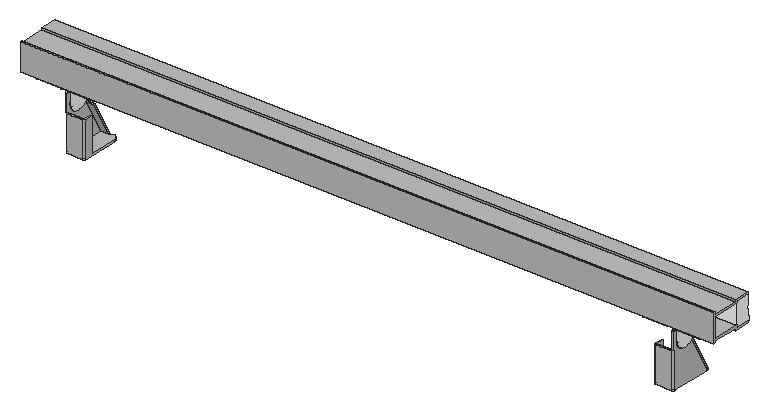
Revit family "4070758+4070746+4070771 Feilo Sylvania Lighting Fixture CURSUS 876MM 620LM OVAL LED 3K with CONTINUOUS WALL HOUSING with 70MM WALL BRACKET", category Lighting Fixtures, host Face, Revit 2017
Family settings
  Host = Face
  Round Connector Dimension = Use Diameter
  Part Type = Normal
  OmniClass Number = 23.80.70.14
  OmniClass Title = Luminaries for External Lighting
  Cut with Voids When Loaded = Yes
  Light Source = No
  Shared = No
  Room Calculation Point = No
Parameters (values of type "4070758 CURSUS 876MM 620LM OVAL LED 3K")
  Weight = "1.7 kg"
  Wattage Comments = "n/a"
  WarrantyStartDate [instance] = "n/a"
  WarrantyGuarantorParts = "n/a"
  WarrantyDurationUnit = "n/a"
  WarrantyDurationParts = "n/a"
  WarrantyDescription = "n/a"
  Voltage = 24 V
  URL = "http://www.sylvania-lighting.com"
  TypeName = "CURSUS 876MM 620LM OVAL LED 3K"
  TypeFixture_FEILO = CURSUS with CONTINUOUS WALL HOUSING : CURSUS 876MM 620LM OVAL LED 3K
  Type Image = <None>
  Type Comments = "n/a"
  TiltAngle [instance] = 0.00°
  StartAngle [instance] = TiltAngle + 270.00°  # 270.00°
  SerialNumber [instance] = "n/a"
  ReflectorMaterial = none
  PowerFactor = 0
  PowerConsumption = "13.5 W"
  NominalLength = 876 mm
  NominalHeight = 50 mm
  NominalDepth = 30 mm
  Name = "CURSUS 876MM 620LM OVAL LED 3K"
  ModelReference = Name  # "CURSUS 876MM 620LM OVAL LED 3K"
  ModelNumber = "4070758"
  Model = Name  # "CURSUS 876MM 620LM OVAL LED 3K"
  Material = "natural anodised extruded aluminium structure housing, optical system with pmma lenses diffuser"
  ManufacturerName = "Feilo Sylvania"
  Manufacturer = "Feilo Sylvania"
  LuminousEfficacy = "45.92 lm/W"
  LuminaireType = ""
  LightOutputRatio = "100"
  LampsType = Lamp  # "LED"
  LampNominalLuminous = "620 lm"
  LampMacAdamStep = "n/a"
  LampColourTemperature = "3000 K"
  LampColourRenderingIndex = "80"
  Lamp = "LED"
  Keynote = "16500"
  InstallationDate [instance] = "n/a"
  InputVoltage = "24V DC"
  InputNominalFrequency = "50/60 Hz"
  IngressProtection = "IP67"
  ImpactProtectionIndex = "IK07"
  IfcExportType = "IfcLightFixtureType"
  IfcExportAs = "IfcLightFixtureType"
  ExpectedLife = 50000
  EndAngle [instance] = StartAngle - 180.00°  # 90.00°
  ElectricShockClassification = "Class III"
  DurationUnit = "hours"
  DocumentationLiterature = "http://www.sylvania-lighting.com/product/en-int/products/4070758"
  DimmingControlOptions = "n/a"
  DiffuserMaterial = Diffuser-Sylvania-Glow
  Description = "LED Exterior Lighting Recessed Surface Mounted Linear Fixture, Natural anodised extruded aluminium structure. Die-cast aluminium end caps. Installation kit with harmonic steel springs., 620 lm, 13,5W, 45lm/W, 3000K, CRI80+,non dimmable,IP67, IK07, (HxWxD) 876x50x30mm, 3 step Mac Adam Ellipse, 1.7kg,, Classe III, 21-25V-DC, energy class : A++, A+, A"
  Default Elevation = 1219.2 mm
  CreatedOn = "1/8/2018"
  CreatedBy = ""
  Cost = 0
  built-in parameter 1114216 [instance] = (empty or 0)
  ClassificationValue = "EF_70_80"
  ClassificationName = "Uniclass2015"
  BracketWidth = 24 mm
  BracketThickness = 2 mm
  BracketHeightEnd = 32 mm
  BracketHeight = 55 mm
  BracketFlange = BracketHeight / 5  # 11 mm
  BracketExtension = 70 mm
  BracketEndReduction = 25 mm
  BracketC = 22 mm  # constant formula
  BracketDistance = 745 mm
  BracketD = BracketHeightEnd - (BracketC * (BracketHeight - BracketHeightEnd) / (BracketExtension - BracketEndReduction))  # 20.756 mm
  BodyMaterial = Body-Sylvania-Gray
  BarCode [instance] = "n/a"
  AssetType = "Fixed"
  AssetIdentifier [instance] = "n/a"
  Assembly Code = "D5020200"
  Apparent Load = 13.5 VA
  AccessoryMaterial = Diffuser-Sylvania-Glow
Reference planes
  plane 1 "Center (Front/Back)": y = 0
  plane 2: z = 0
  plane 3 "Center (Left/Right)": x = 0
  plane 4: x = -384.5
  plane 5: x = 384.5
  plane 6: y = 55
  plane 7: x = -360.5
  plane 8: x = 360.5
  plane 9: z = 70
  plane 10: z = 56
  plane 11: z = 2
  plane 12: z = 45
  plane 13: x = -382.5
  plane 14: y = 53
  plane 15: y = 2
  plane 16: x = -362.5
  plane 17: x = 362.5
  plane 18: x = 382.5
  plane 19: x = -372.5
  plane 20: x = 372.5
  plane 21: y = 11
  plane 22: y = 32
  plane 23: y = 30
  plane 24: z = 67
  plane 25: y = 20.756
  plane 26: y = 16
Forms (mm)
  Blend 1, solid, material "Body-Sylvania-Gray" <- "BodyMaterial"
    base sketch origin (1223.4, -4572, 2) x (0, -1, 0) y (1, 0, 0)
      loop
        line (-4625, -1595.9) -> (-4627, -1595.9) -> (-4627, -1605.9)
        arc (-4627, -1605.9) -> (-4626.414, -1607.314) -> (-4625, -1607.9) r 2
        line (-4625, -1607.9) -> (-4574, -1607.9)
        arc (-4574, -1607.9) -> (-4572.586, -1607.314) -> (-4572, -1605.9) r 2
        line (-4572, -1605.9) -> (-4572, -1585.9)
        arc (-4572, -1585.9) -> (-4572.586, -1584.486) -> (-4574, -1583.9) r 2
        line (-4574, -1583.9) -> (-4583, -1583.9) -> (-4583, -1585.9) -> (-4574, -1585.9) -> (-4574, -1605.9) -> (-4625, -1605.9) -> (-4625, -1595.9)
    top sketch origin (1223.4, -4572, 2) x (0, -1, 0) y (1, 0, 0)
      loop
        line (-4583, -1585.9) -> (-4574, -1585.9) -> (-4574, -1605.9) -> (-4602, -1605.9) -> (-4602, -1595.9) -> (-4604, -1595.9) -> (-4604, -1605.9)
        arc (-4604, -1605.9) -> (-4603.52, -1607.21) -> (-4602.309, -1607.9) r 2.028
        line (-4602.309, -1607.9) -> (-4574, -1607.9)
        arc (-4574, -1607.9) -> (-4572.586, -1607.314) -> (-4572, -1605.9) r 2
        line (-4572, -1605.9) -> (-4572, -1585.9)
        arc (-4572, -1585.9) -> (-4572.586, -1584.486) -> (-4574, -1583.9) r 2
        line (-4574, -1583.9) -> (-4583, -1583.9) -> (-4583, -1585.9)
    from 0 to 43
  Extrusion 2, solid, material "Body-Sylvania-Gray" <- "BodyMaterial"
    sketch origin (0, 0, 0) x (1, 0, 0) y (0, 1, 0)
      loop
        arc (-382.5, 55) -> (-383.914, 54.414) -> (-384.5, 53) r 2
        line (-384.5, 53) -> (-384.5, 2)
        arc (-384.5, 2) -> (-383.914, 0.586) -> (-382.5, 0) r 2
        line (-382.5, 0) -> (-362.5, 0)
        arc (-362.5, 0) -> (-361.086, 0.586) -> (-360.5, 2) r 2
        line (-360.5, 2) -> (-360.5, 47.5)
        arc (-360.5, 47.5) -> (-362.697, 52.803) -> (-368, 55) r 7.5
        line (-368, 55) -> (-382.5, 55)
      loop
        line (382.5, 55) -> (368, 55)
        arc (368, 55) -> (362.697, 52.803) -> (360.5, 47.5) r 7.5
        line (360.5, 47.5) -> (360.5, 2)
        arc (360.5, 2) -> (361.086, 0.586) -> (362.5, 0) r 2
        line (362.5, 0) -> (382.5, 0)
        arc (382.5, 0) -> (383.914, 0.586) -> (384.5, 2) r 2
        line (384.5, 2) -> (384.5, 53)
        arc (384.5, 53) -> (383.914, 54.414) -> (382.5, 55) r 2
    from 0 to 2
  Blend 3, solid, material "Body-Sylvania-Gray" <- "BodyMaterial"
    base sketch origin (1223.4, -4572, 2) x (0, -1, 0) y (1, 0, 0)
      loop
        line (-4625, -840.9) -> (-4574, -840.9) -> (-4574, -860.9) -> (-4583, -860.9) -> (-4583, -862.9) -> (-4574, -862.9)
        arc (-4574, -862.9) -> (-4572.586, -862.314) -> (-4572, -860.9) r 2
        line (-4572, -860.9) -> (-4572, -840.9)
        arc (-4572, -840.9) -> (-4572.586, -839.486) -> (-4574, -838.9) r 2
        line (-4574, -838.9) -> (-4625, -838.9)
        arc (-4625, -838.9) -> (-4626.414, -839.486) -> (-4627, -840.9) r 2
        line (-4627, -840.9) -> (-4627, -850.9) -> (-4625, -850.9) -> (-4625, -840.9)
    top sketch origin (1223.4, -4572, 2) x (0, -1, 0) y (1, 0, 0)
      loop
        line (-4602, -850.9) -> (-4602, -840.9) -> (-4574, -840.9) -> (-4574, -860.9) -> (-4583, -860.9) -> (-4583, -862.9) -> (-4574, -862.9)
        arc (-4574, -862.9) -> (-4572.586, -862.314) -> (-4572, -860.9) r 2
        line (-4572, -860.9) -> (-4572, -840.9)
        arc (-4572, -840.9) -> (-4572.586, -839.486) -> (-4574, -838.9) r 2
        line (-4574, -838.9) -> (-4602, -838.9)
        arc (-4602, -838.9) -> (-4603.414, -839.486) -> (-4604, -840.9) r 2
        line (-4604, -840.9) -> (-4604, -850.9) -> (-4602, -850.9)
    from 0 to 43
  Blend 4, solid, material "Body-Sylvania-Gray" <- "BodyMaterial"
    base sketch origin (1223.4, -4572, 45) x (0, -1, 0) y (1, 0, 0)
      loop
        line (-4604, -1607.9) -> (-4572, -1607.9) -> (-4572, -1605.9) -> (-4604, -1605.9) -> (-4604, -1607.9)
    top sketch origin (1223.4, -4572, 45) x (0, -1, 0) y (1, 0, 0)
      loop
        line (-4572, -1607.9) -> (-4572, -1605.9) -> (-4592.756, -1605.9) -> (-4592.756, -1607.9) -> (-4572, -1607.9)
    from 0 to 22
  Blend 5, solid, material "Body-Sylvania-Gray" <- "BodyMaterial"
    base sketch origin (1223.4, -4572, 45) x (0, -1, 0) y (1, 0, 0)
      loop
        line (-4604, -840.9) -> (-4572, -840.9) -> (-4572, -838.9) -> (-4604, -838.9) -> (-4604, -840.9)
    top sketch origin (1223.4, -4572, 45) x (0, -1, 0) y (1, 0, 0)
      loop
        line (-4572, -838.9) -> (-4592.756, -838.9) -> (-4592.756, -840.9) -> (-4572, -840.9) -> (-4572, -838.9)
    from 0 to 22
  Extrusion 6, void
    sketch origin (0, 0, 0) x (0, 1, 0) y (0, 0, 1)
      loop
        line (0, 45) -> (2, 45) -> (2, 46.5) -> (0, 46.5) -> (0, 45)
      loop
        line (32, 45) -> (32, 46.5) -> (30, 46.5) -> (30, 45) -> (32, 45)
    from -384.5 to 384.5
  Revolve 7, solid, not visible
    sketch origin (1524, 16, 1219.2) x (1, 0, 0) y (0, 0, 1)
      loop
        line (-1524, -1152.2) -> (-1524, -1163.2) -> (-1151.5, -1163.2) -> (-1151.5, -1152.2) -> (-1524, -1152.2)
      axis (-1151.5, -1163.2) -> (-1524, -1163.2)
    angle from 270 <- "StartAngle" to 90 <- "EndAngle"
Cuts and joins
  Extrusion 6 cuts Blend 4
  Extrusion 6 cuts Blend 5
  joined: Blend 1, Extrusion 2, Blend 3, Blend 4, Blend 5
Lines and regions (mm)
  reference lines, not visible
    curve 1: line (-360.5, 16, 56) -> (360.5, 16, 56)
Dimensions and locks
  equal spacing: plane 4, plane 3 "Center (Left/Right)", plane 5
  "BracketDistance": plane 19 to plane 20
  "BracketHeight": plane 1 "Center (Front/Back)" to plane 6
  equal spacing: plane 7, plane 3 "Center (Left/Right)", plane 8
  "BracketWidth": plane 4 to plane 7
  "BracketExtension": plane 9 to plane 2
  "BracketThickness": plane 11 to plane 2
  "BracketEndReduction": plane 9 to plane 12
  equal spacing: plane 13, plane 3 "Center (Left/Right)", plane 18
  equal spacing: plane 16, plane 3 "Center (Left/Right)", plane 17
  "BracketThickness": plane 4 to plane 13
  "BracketThickness": plane 16 to plane 7
  "BracketThickness": plane 14 to plane 6
  "BracketThickness": plane 1 "Center (Front/Back)" to plane 15
  equal spacing: plane 4, plane 19, plane 7
  equal spacing: plane 8, plane 20, plane 5
  "BracketFlange": plane 1 "Center (Front/Back)" to plane 21
  "BracketHeightEnd": plane 1 "Center (Front/Back)" to plane 22
  "BracketThickness": plane 23 to plane 22
  locked: Extrusion 2 sketch curve to plane 7 at 7.5
  locked: Extrusion 2 sketch curve to plane 6 at 7.5  (x2)
  locked: plane 8 to Extrusion 2 sketch curve at 7.5
  "BracketC": plane 24 to plane 12
  "BracketD": plane 1 "Center (Front/Back)" to plane 25
  locked: plane 12 to Extrusion 6 sketch curve at 1.5
  equal spacing: plane 24, plane 10, plane 12
  equal spacing: plane 1 "Center (Front/Back)", plane 26, plane 22
  aligned and locked: plane 2 to host face
  aligned and locked: level to host face
  aligned and locked: plane 4 to Blend 1 sketch curve  (x2)
  aligned and locked: plane 13 to Blend 1 sketch curve  (x3)
  aligned and locked: Blend 1 sketch curve to plane 15
  aligned and locked: Blend 1 sketch curve to plane 16
  aligned and locked: Blend 1 sketch curve to plane 21
  aligned and locked: plane 7 to Blend 1 sketch curve
  aligned and locked: plane 16 to Blend 1 sketch curve
  aligned and locked: plane 1 "Center (Front/Back)" to Blend 1 sketch curve
  aligned and locked: plane 14 to Blend 1 sketch curve
  aligned and locked: Blend 1 sketch curve to var sketch  (x6)
  aligned and locked: Blend 1 sketch curve to plane 19
  aligned and locked: Blend 1 sketch curve to plane 22
  aligned and locked: plane 23 to Blend 1 sketch curve
  aligned and locked: plane 11 to Blend 1
  aligned and locked: Extrusion 2 sketch curve to Blend 1  (x3)
  aligned and locked: Extrusion 2 to level
  aligned and locked: Extrusion 2 to plane 11
  aligned and locked: Extrusion 2 sketch curve to plane 7
  aligned and locked: plane 18 to Blend 3 sketch curve  (x4)
  aligned and locked: plane 14 to Blend 3 sketch curve  (x2)
  aligned and locked: Blend 3 sketch curve to plane 20
  aligned and locked: Blend 3 sketch curve to plane 6
  aligned and locked: plane 5 to Blend 3 sketch curve
  aligned and locked: plane 1 "Center (Front/Back)" to Blend 3 sketch curve
  aligned and locked: plane 15 to Blend 3 sketch curve  (x2)
  aligned and locked: Blend 3 sketch curve to plane 8
  aligned and locked: Blend 3 sketch curve to plane 21
  aligned and locked: plane 17 to Blend 3 sketch curve
  aligned and locked: Blend 3 sketch curve to plane 18
  aligned and locked: plane 20 to Blend 3 sketch curve  (x2)
  aligned and locked: Blend 3 sketch curve to plane 23
  aligned and locked: Blend 3 sketch curve to var sketch  (x8)
  aligned and locked: var sketch to Blend 3 sketch curve
  aligned and locked: plane 22 to Blend 3 sketch curve
  aligned and locked: plane 11 to Blend 3
  aligned and locked: Extrusion 2 sketch curve to Blend 3  (x4)
  aligned and locked: Blend 1 to plane 12
  aligned and locked: Blend 3 to plane 12
  aligned and locked: Blend 4 sketch curve to plane 22
  aligned and locked: Blend 4 sketch curve to cut or joined group of Blend 1, Extrusion 2, Blend 3, Blend 4, Blend 5, Extrusion 6  (x2)
  aligned and locked: cut or joined group of Blend 1, Extrusion 2, Blend 3, Blend 4, Blend 5, Extrusion 6 to Blend 4 sketch curve
  aligned and locked: Blend 4 sketch curve to var sketch  (x2)
  aligned and locked: Blend 4 sketch curve to plane 13
  aligned and locked: Blend 4 to plane 24
  aligned and locked: Blend 4 sketch curve to plane 25
  aligned and locked: Blend 5 sketch curve to plane 18  (x2)
  aligned and locked: plane 1 "Center (Front/Back)" to Blend 5 sketch curve
  aligned and locked: plane 5 to Blend 5 sketch curve
  aligned and locked: plane 22 to Blend 5 sketch curve
  aligned and locked: Blend 5 sketch curve to var sketch
  aligned and locked: var sketch to Blend 5 sketch curve
  aligned and locked: Blend 5 sketch curve to plane 25
  aligned and locked: Blend 5 to plane 24
  aligned and locked: plane 12 to Blend 5
  aligned and locked: Extrusion 6 sketch curve to cut or joined group of Blend 1, Extrusion 2, Blend 3, Blend 4, Blend 5, Extrusion 6  (x2)
  aligned and locked: Extrusion 6 sketch curve to Extrusion 6 sketch curve
  aligned and locked: Extrusion 6 sketch curve to plane 15
  aligned and locked: plane 5 to Extrusion 6
  aligned and locked: Extrusion 6 to plane 4
  aligned and locked: Extrusion 6 sketch curve to plane 23
  aligned and locked: Revolve 7 sketch curve to plane 10  (x2)
  aligned and locked: plane 24 to Revolve 7 sketch curve
  aligned and locked: plane 3 "Center (Left/Right)" to Revolve 7 sketch curve
  aligned and locked: Revolve 7 sketch curve to plane 20
  aligned and locked: plane 7 to curve 1
  aligned and locked: plane 10 to curve 1
  aligned and locked: nested 1 to plane 5
  aligned and locked: nested 2 to plane 4
  aligned and locked: nested 1 to curve 1
  aligned and locked: nested 2 to curve 1
  aligned and locked: nested 1 to nested 3
  aligned and locked: nested 3 to plane 3 "Center (Left/Right)"
Automatic sketch dimensions
  host sketch curve to host sketch curve = 2438.4 mm  (x2)
  Blend 1 sketch curve to plane 13 = 0 mm
  plane 15 to Blend 1 sketch curve = 0 mm  (x3)
  Blend 1 sketch curve to plane 23 = 0.309 mm
  plane 6 to Blend 1 sketch curve = 0 mm
  plane 14 to Blend 1 sketch curve = 0 mm
  Blend 1 sketch curve to plane 19 = 0 mm
  Blend 3 sketch curve to plane 17 = 0 mm
  Extrusion 6 sketch curve to plane 1 "Center (Front/Back)" = 0 mm
  plane 12 to Extrusion 6 sketch curve = 0 mm
  Revolve 7 sketch curve to plane 4 = 1153 mm
  plane 5 to Revolve 7 sketch curve = 1161.4 mm
  curve 1 to plane 8 = 0 mm
Nested families
  nested 1: "MountingPlate" at (383.5, 16, 56) x (-1, 0, 0) z (0, 0, 1), type "MountingPlate"
  nested 2: "MountingPlate" at (-383.5, 16, 56) x (-1, 0, 0) z (0, 0, 1), type "MountingPlate"
  nested 3: "CURSUS with CONTINUOUS WALL HOUSING" at (0, -4, 74) x (-1, 0, 0) z (0, 0, 1), type <- "TypeFixture_FEILO", type "CURSUS 876MM 620LM OVAL LED 3K"
    with WarrantyStartDate "n/a", SerialNumber "n/a", InstallationDate "n/a", EndCapRight no, EndCapLeft no, built-in parameter 1114216 (empty or 0), BarCode "n/a", AssetIdentifier "n/a"
Connectors
  electrical at (0, 0, 0), driven by "Voltage", driven by "Apparent Load", driven by "PowerFactor", driven by "Apparent Load"
    settings: index 1, voltage 24 V, apparent load 13.5 VA, apparent load phase1 13.5 VA, apparent load phase2 0 VA, apparent load phase3 0 VA, power factor 0, load classification "Other", number of poles 1, system type 30, power factor state 1, is connector primary yes, connector utility no, sub classification motor no, connector description ""
Definition of nested family "MountingPlate"
  Parameters (values of type "MountingPlate")
    URL = "http://www.feilosylvania.com"
    Type Comments = "n/a"
    ReflectorMaterial = none
    MountingPlateWidth = 76 mm
    MountingPlateThickness = 2 mm
    MountingPlateRadiusBack = 12 mm
    MountingPlateRadius = 3 mm
    MountingPlateHeight = 35 mm
    Model = "n/a"
    Manufacturer = "Feilo Sylvania"
    Keynote = "n/a"
    DiffuserMaterial = none
    Description = "n/a"
    Default Elevation = 1219.2 mm
    Cost = 0
    BodyMaterial = none
    Assembly Code = "n/a"
    AccessoryMaterial = none
  Reference planes
    plane 1 "Center (Front/Back)": y = 0
    plane 2: z = 0
    plane 3 "Center (Left/Right)": x = 0
    plane 4: x = -38
    plane 5: x = 38
    plane 6: y = 17.5
    plane 7: y = -17.5
    plane 8: x = -3
    plane 9: x = 3
    plane 10: z = 18
    plane 11: z = 16
    plane 12: y = 12.5
    plane 13: y = -12.5
    plane 14: x = -1
    plane 15: x = 1
    plane 16: z = -12.5
    plane 17: z = -14.5
  Forms (mm)
    Extrusion 1, solid
      sketch origin (1.653, 0, 0) x (1, 0, 0) y (0, 1, 0)
        loop
          line (-1219.2, 1219.2) -> (-1219.2, -1219.2) -> (1219.2, -1219.2) -> (1219.2, 1219.2) -> (-1219.2, 1219.2)
      from 0 to -304.8
    Extrusion 2, solid, material <- "BodyMaterial"
      sketch origin (1218.4, -4572, 16) x (0, -1, 0) y (-1, 0, 0)
        loop
          line (-4589.5, 1253.4) -> (-4589.5, 1224.4)
          arc (-4589.5, 1224.4) -> (-4588.621, 1222.279) -> (-4586.5, 1221.4) r 3
          line (-4586.5, 1221.4) -> (-4557.5, 1221.4)
          arc (-4557.5, 1221.4) -> (-4555.379, 1222.279) -> (-4554.5, 1224.4) r 3
          line (-4554.5, 1224.4) -> (-4554.5, 1253.4)
          arc (-4554.5, 1253.4) -> (-4555.379, 1255.521) -> (-4557.5, 1256.4) r 3
          line (-4557.5, 1256.4) -> (-4586.5, 1256.4)
          arc (-4586.5, 1256.4) -> (-4588.621, 1255.521) -> (-4589.5, 1253.4) r 3
        loop
          arc (-4589.5, 1183.4) -> (-4588.621, 1181.279) -> (-4586.5, 1180.4) r 3
          line (-4586.5, 1180.4) -> (-4557.5, 1180.4)
          arc (-4557.5, 1180.4) -> (-4555.379, 1181.279) -> (-4554.5, 1183.4) r 3
          line (-4554.5, 1183.4) -> (-4554.5, 1212.4)
          arc (-4554.5, 1212.4) -> (-4555.379, 1214.521) -> (-4557.5, 1215.4) r 3
          line (-4557.5, 1215.4) -> (-4586.5, 1215.4)
          arc (-4586.5, 1215.4) -> (-4588.621, 1214.521) -> (-4589.5, 1212.4) r 3
          line (-4589.5, 1212.4) -> (-4589.5, 1183.4)
      from 0 to -2
    Extrusion 3, solid, material <- "BodyMaterial"
      sketch origin (0, 0, 0) x (1, 0, 0) y (0, 0, 1)
        loop
          line (-3, 18) -> (-3, -12.5) -> (-1, -12.5) -> (-1, 16)
          arc (-1, 16) -> (-1.586, 17.414) -> (-3, 18) r 2
        loop
          line (3, -12.5) -> (3, 18)
          arc (3, 18) -> (1.586, 17.414) -> (1, 16) r 2
          line (1, 16) -> (1, -12.5) -> (3, -12.5)
      from -12.5 to 12.5
    Extrusion 4, void
      sketch origin (0, 0, 0) x (0, 1, 0) y (0, 0, 1)
        loop
          line (-12.5, -0.5) -> (-17.5, -0.5) -> (-17.5, -14.5) -> (-0.5, -14.5) -> (-0.5, -12.5)
          arc (-0.5, -12.5) -> (-8.985, -8.985) -> (-12.5, -0.5) r 12
        loop
          line (0.5, -12.5) -> (0.5, -14.5) -> (17.5, -14.5) -> (17.5, -0.5) -> (12.5, -0.5)
          arc (12.5, -0.5) -> (8.985, -8.985) -> (0.5, -12.5) r 12
      from -3 to 3
  Cuts and joins
    Extrusion 4 cuts Extrusion 2
    Extrusion 4 cuts Extrusion 3
    joined: Extrusion 2, Extrusion 3
  Lines and regions (mm)
    reference lines
      curve 1: line (-38, 0, 0) -> (38, 0, 0)
  Dimensions and locks
    equal spacing: plane 4, plane 3 "Center (Left/Right)", plane 5
    "MountingPlateWidth": plane 4 to plane 5
    equal spacing: plane 7, plane 1 "Center (Front/Back)", plane 6
    "MountingPlateHeight": plane 7 to plane 6
    equal spacing: plane 8, plane 3 "Center (Left/Right)", plane 9
    "MountingPlateHeight": plane 4 to plane 8
    locked: plane 10 to plane 2 at 18
    "MountingPlateThickness": plane 10 to plane 11
    equal spacing: plane 13, plane 1 "Center (Front/Back)", plane 12
    locked: plane 13 to plane 12 at 25
    "MountingPlateRadius": plane 4 to Extrusion 2 sketch curve  (x2)
    "MountingPlateRadius": Extrusion 2 sketch curve to plane 6  (x4)
    "MountingPlateRadius": Extrusion 2 sketch curve to plane 8  (x2)
    "MountingPlateRadius": plane 7 to Extrusion 2 sketch curve  (x4)
    "MountingPlateRadius": plane 9 to Extrusion 2 sketch curve  (x2)
    "MountingPlateRadius": Extrusion 2 sketch curve to plane 5  (x2)
    equal spacing: plane 15, plane 3 "Center (Left/Right)", plane 14
    "MountingPlateThickness": plane 14 to plane 8
    locked: plane 2 to plane 16 at 12.5
    locked: plane 17 to plane 16 at 2
    "MountingPlateRadiusBack": plane 13 to Extrusion 4 sketch curve
    "MountingPlateRadiusBack": plane 16 to Extrusion 4 sketch curve  (x2)
    "MountingPlateRadiusBack": Extrusion 4 sketch curve to plane 12
    aligned and locked: plane 2 to Extrusion 1
    aligned and locked: level to Extrusion 1
    aligned and locked: Extrusion 2 sketch curve to plane 6
    aligned and locked: Extrusion 2 sketch curve to plane 4
    aligned and locked: plane 7 to Extrusion 2 sketch curve
    aligned and locked: plane 8 to Extrusion 2 sketch curve
    aligned and locked: plane 6 to Extrusion 2 sketch curve
    aligned and locked: Extrusion 2 sketch curve to plane 5
    aligned and locked: Extrusion 2 sketch curve to plane 7
    aligned and locked: plane 9 to Extrusion 2 sketch curve
    aligned and locked: Extrusion 2 to plane 10
    aligned and locked: plane 11 to Extrusion 2
    aligned and locked: Extrusion 3 sketch curve to Extrusion 2  (x2)
    aligned and locked: plane 16 to Extrusion 3 sketch curve  (x2)
    aligned and locked: plane 14 to Extrusion 3 sketch curve
    aligned and locked: plane 9 to Extrusion 3 sketch curve
    aligned and locked: plane 15 to Extrusion 3 sketch curve
    aligned and locked: Extrusion 3 to plane 12
    aligned and locked: plane 13 to Extrusion 3
    aligned and locked: plane 17 to Extrusion 4 sketch curve  (x2)
    aligned and locked: Extrusion 4 sketch curve to plane 7
    aligned and locked: Extrusion 4 sketch curve to plane 6
    aligned and locked: plane 9 to Extrusion 4
    aligned and locked: Extrusion 4 to plane 8
    aligned and locked: plane 4 to curve 1
    aligned and locked: curve 1 to level
  Automatic sketch dimensions
    Extrusion 1 sketch curve to Extrusion 1 sketch curve = 2438.4 mm  (x2)
    Extrusion 3 sketch curve to plane 11 = 0 mm
    curve 1 to plane 5 = 0 mm
    Extrusion 4 sketch curve to plane 13 = 0 mm
    Extrusion 4 sketch curve to plane 12 = 0 mm
Definition of nested family "CURSUS with CONTINUOUS WALL HOUSING"
  Parameters (values of type "CURSUS 1161MM 827LM OVAL LED 3K")
    Width_FEILO = 35 mm
    Weight = "2.2 kg"
    Wattage Comments = "n/a"
    Wattage = 18 W
    WarrantyStartDate [instance] = "n/a"
    WarrantyGuarantorParts = "n/a"
    WarrantyDurationUnit = "n/a"
    WarrantyDurationParts = "n/a"
    WarrantyDescription = "n/a"
    WallThickness_FEILO = 2.5 mm
    built-in parameter 1150110 = 1 (stored number, unit not read)
    Voltage = 24 V
    URL = "http://www.feilosylvania.com"
    TypeName = "CURSUS 1161MM 827LM OVAL LED 3K"
    Type Image = (empty or 0)
    Type Comments = "n/a"
    built-in parameter 1114217 = 1 (stored number, unit not read)
    Tilt Angle = -90.00°
    built-in parameter 1150109 = 1 (stored number, unit not read)
    built-in parameter 1150134 = (empty or 0)
    built-in parameter 1150113 = 1 (stored number, unit not read)
    SerialNumber [instance] = "n/a"
    ReflectorMaterial = none
    PowerFactor = 0
    PowerConsumption = "18 W"
    Photometric Web File = "4070765.ies"
    NominalLength = 1161 mm
    NominalHeight = 50 mm
    NominalDepth = 30 mm
    Name = "CURSUS 1161MM 827LM OVAL LED 3K"
    ModelReference = Name  # "CURSUS 1161MM 827LM OVAL LED 3K"
    ModelNumber = ""
    Model = Name  # "CURSUS 1161MM 827LM OVAL LED 3K"
    Material = "natural anodised extruded aluminium structure housing, optical system with pmma lenses diffuser"
    ManufacturerName = "Feilo Sylvania"
    Manufacturer = "Feilo Sylvania"
    LuminousEfficacy = "45.94 lm/W"
    built-in parameter 1150105 = 65.811 (stored number, unit not read)
    Lumens = 827 lm
    LuminaireType = ""
    built-in parameter 1150115 = 1 (stored number, unit not read)
    LightOutputRatio = "100"
    built-in parameter 1150137 = (empty or 0)
    built-in parameter 1150139 = (empty or 0)
    Length_FEILO = 1167 mm
    LampsType = Lamp  # "LED"
    LampNominalLuminous = "827 lm"
    LampMacAdamStep = "n/a"
    LampColourTemperature = "3000 K"
    LampColourRenderingIndex = "80"
    built-in parameter 1150112 = 1 (stored number, unit not read)
    built-in parameter 1150114 = 1 (stored number, unit not read)
    Lamp = "LED"
    Keynote = "16500"
    InstallationDate [instance] = "n/a"
    InputVoltage = "24V DC"
    InputNominalFrequency = "n/a"
    built-in parameter 1150132 = (empty or 0)
    built-in parameter 1150102 = (empty or 0)
    built-in parameter 1150107 = 3000 (stored number, unit not read)
    built-in parameter 1150138 = (empty or 0)
    IngressProtection = "IP67"
    ImpactProtectionIndex = "IK07"
    built-in parameter 1150106 = 0.65811 (stored number, unit not read)
    IfcExportType = "IfcLightFixtureType"
    IfcExportAs = "IfcLightFixtureType"
    ExpectedLife = 50000
    EndCapRight [instance] = no
    EndCapLeft [instance] = no
    Emit from Rectangle Width = Width_FEILO - WallThickness_FEILO * 2  # 30 mm
    Emit from Rectangle Length = Length_FEILO - WallThickness_FEILO * 2  # 1162 mm
    Emit Shape Visible in Rendering = no
    ElectricShockClassification = "Class III"
    built-in parameter 1150104 = 4.2684 (stored number, unit not read)
    DurationUnit = "hours"
    DocumentationLiterature = "http://www.feilosylvania.com/product/en-int/products/4070765"
    DimmingControlOptions = "n/a"
    Dimming Lamp Color Temperature Shift = (empty or 0)
    DiffuserMaterial = none
    Description = "LED Exterior Lighting Recessed Surface Mounted Linear Fixture, Natural anodised extruded aluminium structure. Die-cast aluminium end caps. Installation kit with harmonic steel springs., 827 lm, 18W, 45lm/W, 3000K, CRI80+,non dimmable,IP67, IK07, (HxWxD) 1161x50x30mm, 3 step Mac Adam Ellipse, 2.2kg,, Classe III, 21-25V-DC, energy class : A++, A+, A"
    Default Elevation = 1219.2 mm
    CreatedOn = "1/8/2018"
    CreatedBy = "aron.fodor@feilosylvania.com"
    Cost = 0
    Color Filter = 16777215
    built-in parameter 1114216 [instance] = (empty or 0)
    ClassificationValue = "EF_70_80"
    ClassificationName = "Uniclass2015"
    BodyMaterial = none
    BarCode [instance] = "n/a"
    built-in parameter 1114218 = 1 (stored number, unit not read)
    built-in parameter 1150133 = 10 (stored number, unit not read)
    AssetType = "Fixed"
    AssetIdentifier [instance] = "n/a"
    Assembly Code = "D5020200"
    Apparent Load = 18 VA
    AccessoryMaterial = none
  Types (16, lengths in mm): name | Weight | Wattage | Voltage | TypeName | built-in parameter 1150134 | PowerConsumption | Photometric Web File | NominalLength | Name | ModelReference | Model | Material | LuminousEfficacy | built-in parameter 1150105 | Lumens | Length_FEILO | LampNominalLuminous | LampColourTemperature | InputVoltage | InputNominalFrequency | built-in parameter 1150107 | built-in parameter 1150106 | Emit from Rectangle Length | built-in parameter 1150104 | DocumentationLiterature | Description | Apparent Load
    CURSUS 1161MM 827LM OVAL LED 3K | "2.2 kg" | 18 W | 24 V | "CURSUS 1161MM 827LM OVAL LED 3K" | (empty or 0) | "18 W" | "4070765.ies" | 1161 | "CURSUS 1161MM 827LM OVAL LED 3K" | "CURSUS 1161MM 827LM OVAL LED 3K" | "CURSUS 1161MM 827LM OVAL LED 3K" | "natural anodised extruded aluminium structure housing, optical system with pmma lenses diffuser" | "45.94 lm/W" | 65.811 (stored number, unit not read) | 827 lm | 1167 | "827 lm" | "3000 K" | "24V DC" | "n/a" | 3000 (stored number, unit not read) | 0.65811 (stored number, unit not read) | 1162 | 4.2684 (stored number, unit not read) | "http://www.feilosylvania.com/product/en-int/products/4070765" | "LED Exterior Lighting Recessed Surface Mounted Linear Fixture, Natural anodised extruded aluminium structure. Die-cast aluminium end caps. Installation kit with harmonic steel springs., 827 lm, 18W, 45lm/W, 3000K, CRI80+,non dimmable,IP67, IK07, (HxWxD) 1161x50x30mm, 3 step Mac Adam Ellipse, 2.2kg,, Classe III, 21-25V-DC, energy class : A++, A+, A" | 18 VA
    CURSUS 1161MM 731LM WIDE LED 3K | "2.2 kg" | 18 W | 230 V | "CURSUS 1161MM 731LM WIDE LED 3K" | (empty or 0) | "18 W" | "4070764.ies" | 1161 | "CURSUS 1161MM 731LM WIDE LED 3K" | "CURSUS 1161MM 731LM WIDE LED 3K" | "CURSUS 1161MM 731LM WIDE LED 3K" | "natural anodised extruded aluminium structure housing" | "40.61 lm/W" | 58.171 (stored number, unit not read) | 731 lm | 1167 | "731 lm" | "3000 K" | "220-240V~" | "n/a" | 3000 (stored number, unit not read) | 0.58171 (stored number, unit not read) | 1162 | 3.7729 (stored number, unit not read) | "http://www.feilosylvania.com/product/en-int/products/4070764" | "LED Exterior Lighting Recessed Surface Mounted Linear Fixture, Natural anodised extruded aluminium structure. Die-cast aluminium end caps. Installation kit with harmonic steel springs., 731 lm, 18W, 40lm/W, 3000K, CRI80+,non dimmable,IP67, IK07, (HxWxD) 1161x50x30mm, 3 step Mac Adam Ellipse, 2.2kg,, Classe III, 21-25V-DC, energy class : A++, A+, A" | 18 VA
    CURSUS 1161MM 871LM OVAL LED 4K | "2.2 kg" | 18 W | 24 V | "CURSUS 1161MM 871LM OVAL LED 4K" | 12 | "18 W" | "4070763.ies" | 1161 | "CURSUS 1161MM 871LM OVAL LED 4K" | "CURSUS 1161MM 871LM OVAL LED 4K" | "CURSUS 1161MM 871LM OVAL LED 4K" | "natural anodised extruded aluminium structure housing, optical system with pmma lenses diffuser" | "48.38 lm/W" | 69.312 (stored number, unit not read) | 871 lm | 1167 | "871 lm" | "4000 K" | "24V DC" | "50/60 Hz" | 4000 (stored number, unit not read) | 0.69312 (stored number, unit not read) | 1162 | 4.4955 (stored number, unit not read) | "http://www.feilosylvania.com/product/en-int/products/4070763" | "LED Exterior Lighting Recessed Surface Mounted Linear Fixture, Natural anodised extruded aluminium structure. Die-cast aluminium end caps. Installation kit with harmonic steel springs., 871 lm, 18W,  48lm/W, 4000K, CRI80+,non dimmable,IP67, IK07, (HxWxD) 1161x50x30mm, 3 step Mac Adam Ellipse, 2.2kg,, Classe III, 21-25V-DC, energy class : A++, A+, A" | 18 VA
    CURSUS 1161MM 770LM WIDE LED 4K | "2.2 kg" | 18 W | 230 V | "CURSUS 1161MM 770LM WIDE LED 4K" | 12 | "18 W" | "4070762.ies" | 1161 | "CURSUS 1161MM 770LM WIDE LED 4K" | "CURSUS 1161MM 770LM WIDE LED 4K" | "CURSUS 1161MM 770LM WIDE LED 4K" | "natural anodised extruded aluminium structure housing" | "42.77 lm/W" | 61.275 (stored number, unit not read) | 770 lm | 1167 | "770 lm" | "4000 K" | "220-240V~" | "n/a" | 4000 (stored number, unit not read) | 0.61275 (stored number, unit not read) | 1162 | 3.9742 (stored number, unit not read) | "http://www.feilosylvania.com/product/en-int/products/4070762" | "LED Exterior Lighting Recessed Surface Mounted Linear Fixture, Natural anodised extruded aluminium structure. Die-cast aluminium end caps. Installation kit with harmonic steel springs., 770 lm, 18W,  42lm/W, 4000K, CRI80+,non dimmable,IP67, IK07, (HxWxD) 1161x50x30mm, 3 step Mac Adam Ellipse, 2.2kg,, Classe III, 21-25V-DC, energy class : A++, A+, A" | 18 VA
    CURSUS 876MM 620LM OVAL LED 3K | "1.7 kg" | 13.5 W | 24 V | "CURSUS 876MM 620LM OVAL LED 3K" | (empty or 0) | "13.5 W" | "4070758.ies" | 876 | "CURSUS 876MM 620LM OVAL LED 3K" | "CURSUS 876MM 620LM OVAL LED 3K" | "CURSUS 876MM 620LM OVAL LED 3K" | "natural anodised extruded aluminium structure housing, optical system with pmma lenses diffuser" | "45.92 lm/W" | 49.338 (stored number, unit not read) | 620 lm | 882 | "620 lm" | "3000 K" | "24V DC" | "50/60 Hz" | 3000 (stored number, unit not read) | 0.49338 (stored number, unit not read) | 877 | 4.2667 (stored number, unit not read) | "http://www.feilosylvania.com/product/en-int/products/4070758" | "LED Exterior Lighting Recessed Surface Mounted Linear Fixture, Natural anodised extruded aluminium structure. Die-cast aluminium end caps. Installation kit with harmonic steel springs., 620 lm, 13,5W, 45lm/W, 3000K, CRI80+,non dimmable,IP67, IK07, (HxWxD) 876x50x30mm, 3 step Mac Adam Ellipse, 1.7kg,, Classe III, 21-25V-DC, energy class : A++, A+, A" | 13.5 VA
    CURSUS 876MM 548LM WIDE LED 3K | "1.7 kg" | 13.5 W | 24 V | "CURSUS 876MM 548LM WIDE LED 3K" | (empty or 0) | "13.5 W" | "4070757.ies" | 876 | "CURSUS 876MM 548LM WIDE LED 3K" | "CURSUS 876MM 548LM WIDE LED 3K" | "CURSUS 876MM 548LM WIDE LED 3K" | "natural anodised extruded aluminium structure housing" | "40.59 lm/W" | 43.608 (stored number, unit not read) | 548 lm | 882 | "548 lm" | "3000 K" | "24V DC" | "n/a" | 3000 (stored number, unit not read) | 0.43608 (stored number, unit not read) | 877 | 3.7712 (stored number, unit not read) | "http://www.feilosylvania.com/product/en-int/products/4070757" | "LED Exterior Lighting Recessed Surface Mounted Linear Fixture, Natural anodised extruded aluminium structure. Die-cast aluminium end caps. Installation kit with harmonic steel springs., 548 lm, 13,5W, 40lm/W, 3000K, CRI80+,non dimmable,IP67, IK07, (HxWxD) 876x50x30mm, 3 step Mac Adam Ellipse, 1.7kg,, Classe III, 21-25V-DC, energy class : A++, A+, A" | 13.5 VA
    CURSUS 876MM 653LM OVAL LED 4K | "1.7 kg" | 13.5 W | 24 V | "CURSUS 876MM 653LM OVAL LED 4K" | 12 | "13.5 W" | "4070756.ies" | 876 | "CURSUS 876MM 653LM OVAL LED 4K" | "CURSUS 876MM 653LM OVAL LED 4K" | "CURSUS 876MM 653LM OVAL LED 4K" | "natural anodised extruded aluminium structure housing, optical system with pmma lenses diffuser" | "48.37 lm/W" | 51.964 (stored number, unit not read) | 653 lm | 882 | "653 lm" | "4000 K" | "24V DC" | "n/a" | 4000 (stored number, unit not read) | 0.51964 (stored number, unit not read) | 877 | 4.4938 (stored number, unit not read) | "http://www.feilosylvania.com/product/en-int/products/4070756" | "LED Exterior Lighting Recessed Surface Mounted Linear Fixture, Natural anodised extruded aluminium structure. Die-cast aluminium end caps. Installation kit with harmonic steel springs., 653 lm, 13,5W,  48lm/W, 4000K, CRI80+,non dimmable,IP67, IK07, (HxWxD) 876x50x30mm, 3 step Mac Adam Ellipse, 1.7kg,, Classe III, 21-25V-DC, energy class : A++, A+, A" | 13.5 VA
    CURSUS 876MM 577LM WIDE LED 4K | "1.7 kg" | 13.5 W | 24 V | "CURSUS 876MM 577LM WIDE LED 4K" | 12 | "13.5 W" | "4070755.ies" | 876 | "CURSUS 876MM 577LM WIDE LED 4K" | "CURSUS 876MM 577LM WIDE LED 4K" | "CURSUS 876MM 577LM WIDE LED 4K" | "natural anodised extruded aluminium structure housing" | "42.74 lm/W" | 45.916 (stored number, unit not read) | 577 lm | 882 | "577 lm" | "4000 K" | "24V DC" | "n/a" | 4000 (stored number, unit not read) | 0.45916 (stored number, unit not read) | 877 | 3.9707 (stored number, unit not read) | "http://www.feilosylvania.com/product/en-int/products/4070755" | "LED Exterior Lighting Recessed Surface Mounted Linear Fixture, Natural anodised extruded aluminium structure. Die-cast aluminium end caps. Installation kit with harmonic steel springs., 577 lm, 13,5W,  42lm/W, 4000K, CRI80+,non dimmable,IP67, IK07, (HxWxD) 876x50x30mm, 3 step Mac Adam Ellipse, 1.7kg,, Classe III, 21-25V-DC, energy class : A++, A+, A" | 13.5 VA
    CURSUS 591MM 414LM OVAL LED 3K | "1.2 kg" | 9 W | 24 V | "CURSUS 591MM 414LM OVAL LED 3K" | (empty or 0) | "9 W" | "4070751.ies" | 591 | "CURSUS 591MM 414LM OVAL LED 3K" | "CURSUS 591MM 414LM OVAL LED 3K" | "CURSUS 591MM 414LM OVAL LED 3K" | "natural anodised extruded aluminium structure housing, optical system with pmma lenses diffuser" | "46 lm/W" | 32.945 (stored number, unit not read) | 414 lm | 597 | "414 lm" | "3000 K" | "24V DC" | "n/a" | 3000 (stored number, unit not read) | 0.32945 (stored number, unit not read) | 592 | 4.2735 (stored number, unit not read) | "http://www.feilosylvania.com/product/en-int/products/4070751" | "LED Exterior Lighting Recessed Surface Mounted Linear Fixture, Natural anodised extruded aluminium structure. Die-cast aluminium end caps. Installation kit with harmonic steel springs., 414 lm, 9W, 46lm/W, 3000K, CRI80+,non dimmable,IP67, IK07, (HxWxD) 591x50x30mm, 3 step Mac Adam Ellipse, 1.2kg,, Classe III, 21-25V-DC, energy class : A++, A+, A" | 9 VA
    CURSUS 591MM 365LM WIDE LED 3K | "1.2 kg" | 9 W | 24 V | "CURSUS 591MM 365LM WIDE LED 3K" | (empty or 0) | "9 W" | "4070750.ies" | 591 | "CURSUS 591MM 365LM WIDE LED 3K" | "CURSUS 591MM 365LM WIDE LED 3K" | "CURSUS 591MM 365LM WIDE LED 3K" | "natural anodised extruded aluminium structure housing" | "40.55 lm/W" | 29.046 (stored number, unit not read) | 365 lm | 597 | "365 lm" | "3000 K" | "24V DC" | "n/a" | 3000 (stored number, unit not read) | 0.29046 (stored number, unit not read) | 592 | 3.7677 (stored number, unit not read) | "http://www.feilosylvania.com/product/en-int/products/4070750" | "LED Exterior Lighting Recessed Surface Mounted Linear Fixture, Natural anodised extruded aluminium structure. Die-cast aluminium end caps. Installation kit with harmonic steel springs., 365 lm, 9W, 40lm/W, 3000K, CRI80+,non dimmable,IP67, IK07, (HxWxD) 591x50x30mm, 3 step Mac Adam Ellipse, 1.2kg,, Classe III, 21-25V-DC, energy class : A++, A+, A" | 9 VA
    CURSUS 591MM 435LM OVAL LED 4K | "1.2 kg" | 9 W | 24 V | "CURSUS 591MM 435LM OVAL LED 4K" | 12 | "9 W" | "4070749.ies" | 591 | "CURSUS 591MM 435LM OVAL LED 4K" | "CURSUS 591MM 435LM OVAL LED 4K" | "CURSUS 591MM 435LM OVAL LED 4K" | "natural anodised extruded aluminium structure housing, optical system with pmma lenses diffuser" | "48.33 lm/W" | 34.616 (stored number, unit not read) | 435 lm | 597 | "435 lm" | "4000 K" | "24V DC" | "n/a" | 4000 (stored number, unit not read) | 0.34616 (stored number, unit not read) | 592 | 4.4903 (stored number, unit not read) | "http://www.feilosylvania.com/product/en-int/products/4070749" | "LED Exterior Lighting Recessed Surface Mounted Linear Fixture, Natural anodised extruded aluminium structure. Die-cast aluminium end caps. Installation kit with harmonic steel springs., 435 lm, 9W, 48lm/W, 4000K, CRI80+,non dimmable,IP67, IK07, (HxWxD) 591x50x30mm, 3 step Mac Adam Ellipse, 1.2kg,, Classe III, 21-25V-DC, energy class : A++, A+, A" | 9 VA
    CURSUS 591MM 385LM WIDE LED 4K | "1.2 kg" | 9 W | 24 V | "CURSUS 591MM 385LM WIDE LED 4K" | 12 | "9 W" | "4070748.ies" | 591 | "CURSUS 591MM 385LM WIDE LED 4K" | "CURSUS 591MM 385LM WIDE LED 4K" | "CURSUS 591MM 385LM WIDE LED 4K" | "natural anodised extruded aluminium structure housing" | "42.77 lm/W" | 30.637 (stored number, unit not read) | 385 lm | 597 | "385 lm" | "4000 K" | "24V DC" | "n/a" | 4000 (stored number, unit not read) | 0.30637 (stored number, unit not read) | 592 | 3.9742 (stored number, unit not read) | "http://www.feilosylvania.com/product/en-int/products/4070748" | "LED Exterior Lighting Recessed Surface Mounted Linear Fixture, Natural anodised extruded aluminium structure. Die-cast aluminium end caps. Installation kit with harmonic steel springs., 385 lm, 9W,  42lm/W, 4000K, CRI80+,non dimmable,IP67, IK07, (HxWxD) 591x50x30mm, 3 step Mac Adam Ellipse, 1.2kg,, Classe III, 21-25V-DC, energy class : A++, A+, A" | 9 VA
    CURSUS 306MM 207LM OVAL LED3K | "0.6 kg" | 4.5 W | 24 V | "CURSUS 306MM 207LM OVAL LED3K" | (empty or 0) | "4.5 W" | "4070744.ies" | 306 | "CURSUS 306MM 207LM OVAL LED3K" | "CURSUS 306MM 207LM OVAL LED3K" | "CURSUS 306MM 207LM OVAL LED3K" | "natural anodised extruded aluminium structure housing, optical system with pmma lenses diffuser" | "46 lm/W" | 16.473 (stored number, unit not read) | 207 lm | 312 | "207 lm" | "3000 K" | "24V DC" | "n/a" | 3000 (stored number, unit not read) | 0.16473 (stored number, unit not read) | 307 | 4.2735 (stored number, unit not read) | "http://www.feilosylvania.com/product/en-int/products/4070744" | "LED Exterior Lighting Recessed Surface Mounted Linear Fixture, Natural anodised extruded aluminium structure. Die-cast aluminium end caps. Installation kit with harmonic steel springs., 207 lm, 4,5W, 46lm/W, 3000K, CRI80+,non dimmable,IP67, IK07, (HxWxD) 306x50x30mm, 3 step Mac Adam Ellipse, 0.6kg,, Classe III, 21-25V-DC, energy class : A++, A+, A" | 4.5 VA
    CURSUS 306MM 183LM WIDE LED 3K | "0.6 kg" | 4.5 W | 24 V | "CURSUS 306MM 183LM WIDE LED 3K" | (empty or 0) | "4.5 W" | "4070743.ies" | 306 | "CURSUS 306MM 183LM WIDE LED 3K" | "CURSUS 306MM 183LM WIDE LED 3K" | "CURSUS 306MM 183LM WIDE LED 3K" | "natural anodised extruded aluminium structure housing" | "40.66 lm/W" | 14.563 (stored number, unit not read) | 183 lm | 312 | "183 lm" | "3000 K" | "24V DC" | "n/a" | 3000 (stored number, unit not read) | 0.14563 (stored number, unit not read) | 307 | 3.7781 (stored number, unit not read) | "http://www.feilosylvania.com/product/en-int/products/4070743" | "LED Exterior Lighting Recessed Surface Mounted Linear Fixture, Natural anodised extruded aluminium structure. Die-cast aluminium end caps. Installation kit with harmonic steel springs., 183 lm, 4,5W, 40lm/W, 3000K, CRI80+,non dimmable,IP67, IK07, (HxWxD) 306x50x30mm, 3 step Mac Adam Ellipse, 0.6kg,, Classe III, 21-25V-DC, energy class : A++, A+, A" | 4.5 VA
    CURSUS 306MM 218LM OVAL LED 4K | "0.6 kg" | 4.5 W | 24 V | "CURSUS 306MM 218LM OVAL LED 4K" | 12 | "4.5 W" | "4070742.ies" | 306 | "CURSUS 306MM 218LM OVAL LED 4K" | "CURSUS 306MM 218LM OVAL LED 4K" | "CURSUS 306MM 218LM OVAL LED 4K" | "natural anodised extruded aluminium structure housing, optical system with pmma lenses diffuser" | "48.44 lm/W" | 17.348 (stored number, unit not read) | 218 lm | 312 | "218 lm" | "4000 K" | "24V DC" | "n/a" | 4000 (stored number, unit not read) | 0.17348 (stored number, unit not read) | 307 | 4.5006 (stored number, unit not read) | "http://www.feilosylvania.com/product/en-int/products/4070742" | "LED Exterior Lighting Recessed Surface Mounted Linear Fixture, Natural anodised extruded aluminium structure. Die-cast aluminium end caps. Installation kit with harmonic steel springs., 218 lm, 4,5W,  48lm/W, 4000K, CRI80+,non dimmable,IP67, IK07, (HxWxD) 306x50x30mm, 3 step Mac Adam Ellipse, 0.6kg,, Classe III, 21-25V-DC, energy class : A++, A+, A" | 4.5 VA
    CURSUS 306MM 192LM WIDE LED 4K | "0.6 kg" | 4.5 W | 24 V | "CURSUS 306MM 192LM WIDE LED 4K" | 12 | "4.5 W" | "4070741.ies" | 306 | "CURSUS 306MM 192LM WIDE LED 4K" | "CURSUS 306MM 192LM WIDE LED 4K" | "CURSUS 306MM 192LM WIDE LED 4K" | "natural anodised extruded aluminium structure housing" | "42.66 lm/W" | 15.279 (stored number, unit not read) | 192 lm | 312 | "192 lm" | "4000 K" | "24V DC" | "n/a" | 4000 (stored number, unit not read) | 0.15279 (stored number, unit not read) | 307 | 3.9639 (stored number, unit not read) | "http://www.feilosylvania.com/product/en-int/products/4070741" | "LED Exterior Lighting Recessed Surface Mounted Linear Fixture, Natural anodised extruded aluminium structure. Die-cast aluminium end caps. Installation kit with harmonic steel springs., 192 lm, 4,5W,  42lm/W, 4000K, CRI80+,non dimmable,IP67, IK07, (HxWxD) 306x50x30mm, 3 step Mac Adam Ellipse, 0.6kg,, Classe III, 21-25V-DC, energy class : A++, A+, A" | 4.5 VA
  Reference planes
    plane 1 "Center (Front/Back)": y = 0
    plane 2: z = 0
    plane 3 "Center (Left/Right)": x = 0
    plane 4: x = 583.5
    plane 5: x = -583.5
    plane 6: x = -581
    plane 7: x = 581
    plane 8: z = 35
    plane 9: z = 17.5
    plane 10: z = 32.5
    plane 11: z = 2.5
    plane 12: z = 30
    plane 13: z = 5
    plane 14: y = -55
    plane 15: y = -53
    plane 16: y = -2.5
    plane 17: y = -37
    plane 18: y = -34.5
  Forms (mm)
    Extrusion 1, solid
      sketch origin (4.2, 0, 0) x (1, 0, 0) y (0, 1, 0)
        loop
          line (-1219.2, 1219.2) -> (-1219.2, -1219.2) -> (1219.2, -1219.2) -> (1219.2, 1219.2) -> (-1219.2, 1219.2)
      from 0 to -304.8
    Extrusion 2, solid, material <- "BodyMaterial"
      sketch origin (0, 0, 0) x (0, 1, 0) y (0, 0, 1)
        loop
          line (0, 35) -> (-2.5, 35) -> (-2.5, 32.5) -> (-34.5, 32.5) -> (-34.5, 35) -> (-55, 35) -> (-55, 32.5) -> (-37, 32.5) -> (-37, 30) -> (-2.5, 30) -> (-2.5, 5) -> (-37, 5) -> (-37, 2.5) -> (-55, 2.5) -> (-55, 0) -> (-34.5, 0) -> (-34.5, 2.5) -> (-2.5, 2.5) -> (-2.5, 0) -> (0, 0) -> (0, 35)
      from -581 to 581
    Extrusion 3, solid, material <- "DiffuserMaterial"
      sketch origin (0, 0, 0) x (0, 1, 0) y (0, 0, 1)
        loop
          line (-37, 32.5) -> (-55, 32.5) -> (-55, 19.5) -> (-53, 17.5) -> (-55, 15.5) -> (-55, 2.5) -> (-37, 2.5) -> (-37, 32.5)
      from -581 to 581
    Extrusion 4, solid, material <- "BodyMaterial", visible <- "EndCapRight"
      sketch origin (581, 1524, 1219.2) x (0, 1, 0) y (0, 0, 1)
        loop
          line (-1579, -1184.2) -> (-1579, -1219.2) -> (-1524, -1219.2) -> (-1524, -1184.2) -> (-1579, -1184.2)
      from 0 to 2.5
    Extrusion 5, solid, material <- "BodyMaterial", visible <- "EndCapLeft"
      sketch origin (-581, 1524, 1219.2) x (0, 1, 0) y (0, 0, 1)
        loop
          line (-1579, -1184.2) -> (-1579, -1219.2) -> (-1524, -1219.2) -> (-1524, -1184.2) -> (-1579, -1184.2)
      from -2.5 to 0
  Dimensions and locks
    equal spacing: plane 5, plane 3 "Center (Left/Right)", plane 4
    "Length_FEILO": plane 5 to plane 4
    equal spacing: plane 6, plane 3 "Center (Left/Right)", plane 7
    "WallThickness_FEILO": plane 5 to plane 6
    locked: plane 9 to plane 2 at 17.5
    locked: plane 8 to plane 2 at 35
    equal spacing: plane 11, plane 9, plane 10
    equal spacing: plane 13, plane 9, plane 12
    "WallThickness_FEILO": plane 12 to plane 10
    locked: plane 14 to plane 15 at 2
    locked: plane 14 to plane 17 at 18
    "WallThickness_FEILO": plane 17 to plane 18
    "WallThickness_FEILO": plane 16 to plane 1 "Center (Front/Back)"
    locked: plane 15 to Extrusion 3 sketch curve (angle 45.00°)
    locked: Extrusion 3 sketch curve to plane 15 (angle 45.00°)
    aligned and locked: plane 2 to Extrusion 1
    aligned and locked: level to Extrusion 1
    aligned and locked: plane 1 "Center (Front/Back)" to Extrusion 2 sketch curve
    aligned and locked: Extrusion 2 sketch curve to plane 8  (x2)
    aligned and locked: plane 16 to Extrusion 2 sketch curve
    aligned and locked: Extrusion 1 to Extrusion 2 sketch curve
    aligned and locked: Extrusion 2 sketch curve to plane 16  (x2)
    aligned and locked: Extrusion 2 sketch curve to plane 11
    aligned and locked: plane 18 to Extrusion 2 sketch curve
    aligned and locked: level to Extrusion 2 sketch curve
    aligned and locked: plane 11 to Extrusion 2 sketch curve
    aligned and locked: Extrusion 2 sketch curve to plane 17
    aligned and locked: plane 13 to Extrusion 2 sketch curve
    aligned and locked: Extrusion 2 sketch curve to plane 12
    aligned and locked: plane 10 to Extrusion 2 sketch curve  (x2)
    aligned and locked: plane 17 to Extrusion 2 sketch curve  (x2)
    aligned and locked: plane 12 to Extrusion 2 sketch curve
    aligned and locked: Extrusion 2 sketch curve to plane 10
    aligned and locked: Extrusion 2 sketch curve to plane 18
    aligned and locked: plane 7 to Extrusion 2
    aligned and locked: Extrusion 2 to plane 6
    aligned and locked: Extrusion 3 sketch curve to Extrusion 2  (x4)
    aligned and locked: Extrusion 2 to Extrusion 3 sketch curve
    aligned and locked: plane 9 to Extrusion 3 sketch curve
    aligned and locked: plane 7 to Extrusion 3
    aligned and locked: Extrusion 3 to plane 6
    aligned and locked: Extrusion 4 sketch curve to Extrusion 2  (x4)
    aligned and locked: plane 4 to Extrusion 4
    aligned and locked: Extrusion 4 to plane 7
    aligned and locked: Extrusion 5 sketch curve to Extrusion 4  (x3)
    aligned and locked: Extrusion 5 sketch curve to Extrusion 2
    aligned and locked: Extrusion 5 to plane 5
    aligned and locked: plane 6 to Extrusion 5
    aligned and locked: plane 14 to imposter light
    aligned and locked: imposter light to plane 9
    aligned and locked: plane 3 "Center (Left/Right)" to imposter light
  Automatic sketch dimensions
    Extrusion 1 sketch curve to Extrusion 1 sketch curve = 2438.4 mm  (x2)
    Extrusion 2 sketch curve to plane 14 = 0 mm  (x2)
    Extrusion 3 sketch curve to plane 15 = 0 mm
  Connectors
    electrical at (0, 0, 0), driven by "Apparent Load", driven by "PowerFactor", driven by "Voltage"
      settings: index 1, voltage 24 V, apparent load 18 VA, apparent load phase1 0 VA, apparent load phase2 0 VA, apparent load phase3 0 VA, power factor 0, load classification none, number of poles 1, system type 30, power factor state 1, is connector primary yes, connector utility no, sub classification motor no, connector description ""
